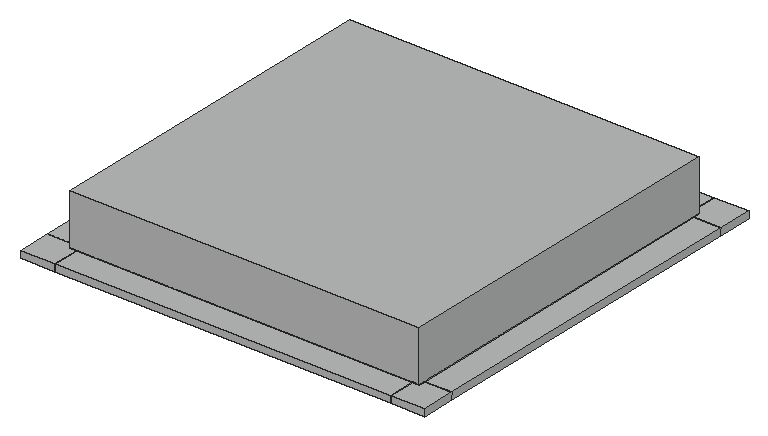
Revit family "ALUMOGIPS", category Осветительные приборы, Revit 2019 (continued)
Types (72, lengths in mm): name | Файл фотометрической сетки | built-in parameter 1150105 | Lumens | built-in parameter 1150106 | built-in parameter 1150142 | Wattage | Emit from Rectangle Width | Emit from Rectangle Length | Длина | Материал светильника | Ширина | ADSK_Ток | ADSK_Полная мощность | ADSK_Обозначение | ADSK_Номинальная мощность | ADSK_Наименование | ADSK_Масса | ADSK_Код изделия
  Alumogips-30/opal-sand 295х595 (IP40, 4000К, серый) c БАП на 3 часа | "Светильник ALUMOGIPS-30 OPAL-SAND-(295x595).IES" | 198.94 (stored number, unit not read) | 2500 lm | 1.9894 (stored number, unit not read) | "IESNA:LM-63-95\r\n[TEST] Протокол №80\r\n[DATA]26.06.2016\r\n[MORE] \r\n[MANUFAC] ЗАО \"Центрстройсвет\"\r\n[LUMCAT]  Светильник ALUMOGIPS-30/OPAL-SAND-(295x595)\r\n[LUMINAIRE]\r\n[LAMPCAT] Светодиоды\r\n[LAMP] Поток источника света (светодиодов) не известен\r\n[MORE] КСС приведена в абсолютных величинах кд\r\n[MORE] Вместо потока лампы, указан поток светильника.\r\nTILT=NONE\r\n1    2420 1.0 37 73 1 2 0.295 0.595 0.04\r\n1.0 1.0 28.9\r\n0.0 5.0 10.0 15.0 20.0 25.0 30.0 35.0 40.0 45.0 50.0 55.0 60.0 65.0 70.0 75.0 80.0 85.0 90.0 95.0 100.0 105.0 110.0 115.0 120.0 125.0 130.0 135.0 140.0 145.0 150.0 155.0 160.0 165.0 170.0 175.0 180.0\r\n0.0 5.0 10.0 15.0 20.0 25.0 30.0 35.0 40.0 45.0 50.0 55.0 60.0 65.0 70.0 75.0 80.0 85.0 90.0 95.0 100.0 105.0 110.0 115.0 120.0 125.0 130.0 135.0 140.0 145.0 150.0 155.0 160.0 165.0 170.0 175.0 180.0 185.0 190.0 195.0 200.0 205.0 210.0 215.0 220.0 225.0 230.0 235.0 240.0 245.0 250.0 255.0 260.0 265.0 270.0 275.0 280.0 285.0 290.0 295.0 300.0 305.0 310.0 315.0 320.0 325.0 330.0 335.0 340.0 345.0 350.0 355.0 360.0\r\n911.1 908.3 889.4 861.2 824.6 779.8 729.1 674.3 613.8 546.0 479.1 412.2 342.1 274.7 206.6 142.5 83.1 30.5 0.2 0.0 0.0 0.0 0.0 0.0 0.0 0.0 0.0 0.0 0.0 0.0 0.0 0.0 0.0 0.0 0.0 0.0 0.0\r\n911.1 908.3 890.4 862.2 826.0 781.2 730.0 673.5 610.8 545.9 478.1 412.0 343.0 274.6 207.5 142.8 83.4 31.1 0.3 0.0 0.0 0.0 0.0 0.0 0.0 0.0 0.0 0.0 0.0 0.0 0.0 0.0 0.0 0.0 0.0 0.0 0.0\r\n911.1 908.5 890.5 862.8 826.3 781.1 729.7 670.6 612.5 548.7 480.3 412.7 344.4 275.2 207.5 143.5 83.8 31.5 0.3 0.0 0.0 0.0 0.0 0.0 0.0 0.0 0.0 0.0 0.0 0.0 0.0 0.0 0.0 0.0 0.0 0.0 0.0\r\n911.1 909.2 889.7 860.5 825.1 782.3 731.0 672.5 613.1 547.3 478.2 411.8 342.9 275.2 208.3 143.7 83.9 31.8 0.3 0.0 0.0 0.0 0.0 0.0 0.0 0.0 0.0 0.0 0.0 0.0 0.0 0.0 0.0 0.0 0.0 0.0 0.0\r\n911.1 909.0 891.0 861.5 825.6 782.4 732.7 675.9 611.0 545.2 481.9 413.1 344.4 276.1 208.3 144.0 84.6 32.0 0.3 0.0 0.0 0.0 0.0 0.0 0.0 0.0 0.0 0.0 0.0 0.0 0.0 0.0 0.0 0.0 0.0 0.0 0.0\r\n911.1 908.9 890.1 863.3 826.9 783.2 729.2 673.9 611.8 547.8 480.9 414.1 343.8 275.8 208.6 144.4 85.0 32.4 0.3 0.0 0.0 0.0 0.0 0.0 0.0 0.0 0.0 0.0 0.0 0.0 0.0 0.0 0.0 0.0 0.0 0.0 0.0\r\n911.1 908.9 890.0 862.2 828.3 782.8 731.1 675.1 614.3 547.6 481.3 413.0 345.8 276.7 208.8 145.0 85.3 32.6 0.4 0.0 0.0 0.0 0.0 0.0 0.0 0.0 0.0 0.0 0.0 0.0 0.0 0.0 0.0 0.0 0.0 0.0 0.0\r\n911.1 908.5 891.5 865.2 825.7 780.8 732.5 674.6 615.0 551.3 482.1 414.1 345.1 277.4 208.6 145.5 85.5 33.2 0.5 0.0 0.0 0.0 0.0 0.0 0.0 0.0 0.0 0.0 0.0 0.0 0.0 0.0 0.0 0.0 0.0 0.0 0.0\r\n911.1 908.2 891.4 865.6 827.3 781.0 734.3 676.9 614.9 549.4 482.0 413.8 346.2 277.0 209.5 145.9 86.0 33.8 0.4 0.0 0.0 0.0 0.0 0.0 0.0 0.0 0.0 0.0 0.0 0.0 0.0 0.0 0.0 0.0 0.0 0.0 0.0\r\n911.1 908.7 891.0 864.3 829.6 784.0 732.9 673.2 614.9 550.2 484.5 414.8 346.4 277.8 210.5 146.4 87.2 33.9 0.6 0.0 0.0 0.0 0.0 0.0 0.0 0.0 0.0 0.0 0.0 0.0 0.0 0.0 0.0 0.0 0.0 0.0 0.0\r\n911.1 909.3 890.7 863.4 828.2 782.7 733.6 675.6 617.1 551.3 485.9 416.5 347.0 279.5 211.3 147.1 87.6 34.5 0.8 0.0 0.0 0.0 0.0 0.0 0.0 0.0 0.0 0.0 0.0 0.0 0.0 0.0 0.0 0.0 0.0 0.0 0.0\r\n911.1 908.7 892.5 864.0 829.2 784.2 733.3 676.9 615.6 551.9 484.7 416.9 348.3 279.6 211.6 148.3 88.1 35.0 0.9 0.0 0.0 0.0 0.0 0.0 0.0 0.0 0.0 0.0 0.0 0.0 0.0 0.0 0.0 0.0 0.0 0.0 0.0\r\n911.1 907.6 892.1 865.2 827.4 784.6 731.8 676.8 617.7 552.8 485.1 418.8 350.7 281.3 212.5 148.4 89.0 35.7 1.0 0.0 0.0 0.0 0.0 0.0 0.0 0.0 0.0 0.0 0.0 0.0 0.0 0.0 0.0 0.0 0.0 0.0 0.0\r\n911.1 907.1 892.1 864.5 830.2 788.3 733.6 677.4 617.3 552.0 487.9 420.8 349.8 281.3 213.4 149.2 89.9 36.2 1.3 0.0 0.0 0.0 0.0 0.0 0.0 0.0 0.0 0.0 0.0 0.0 0.0 0.0 0.0 0.0 0.0 0.0 0.0\r\n911.1 907.7 891.9 865.7 828.5 785.6 735.2 678.9 620.0 555.8 488.8 421.1 351.5 282.7 215.2 149.7 90.8 36.9 1.5 0.0 0.0 0.0 0.0 0.0 0.0 0.0 0.0 0.0 0.0 0.0 0.0 0.0 0.0 0.0 0.0 0.0 0.0\r\n911.1 907.8 891.0 864.8 830.1 786.1 738.7 679.4 616.5 556.6 490.6 420.2 352.4 284.5 215.4 151.3 91.1 37.6 1.5 0.0 0.0 0.0 0.0 0.0 0.0 0.0 0.0 0.0 0.0 0.0 0.0 0.0 0.0 0.0 0.0 0.0 0.0\r\n911.1 907.6 892.2 865.5 829.8 785.3 740.8 681.1 621.3 555.2 488.2 422.8 352.5 285.0 216.2 151.5 92.2 38.3 1.9 0.0 0.0 0.0 0.0 0.0 0.0 0.0 0.0 0.0 0.0 0.0 0.0 0.0 0.0 0.0 0.0 0.0 0.0\r\n911.1 907.4 892.1 866.1 829.8 787.6 737.3 681.4 621.4 556.0 491.1 422.7 354.9 284.7 217.1 152.4 93.0 39.4 2.0 0.0 0.0 0.0 0.0 0.0 0.0 0.0 0.0 0.0 0.0 0.0 0.0 0.0 0.0 0.0 0.0 0.0 0.0\r\n911.1 907.1 892.7 864.9 831.7 788.2 738.4 680.3 623.5 555.8 491.4 423.2 354.0 286.0 218.2 152.8 93.7 40.1 1.9 0.0 0.0 0.0 0.0 0.0 0.0 0.0 0.0 0.0 0.0 0.0 0.0 0.0 0.0 0.0 0.0 0.0 0.0\r\n911.1 907.4 892.3 867.6 830.6 789.2 737.9 683.1 622.5 558.1 492.5 424.4 355.9 287.7 219.1 154.3 94.7 40.4 2.5 0.0 0.0 0.0 0.0 0.0 0.0 0.0 0.0 0.0 0.0 0.0 0.0 0.0 0.0 0.0 0.0 0.0 0.0\r\n911.1 907.5 892.4 866.9 832.1 790.0 736.6 683.9 623.3 559.4 493.1 425.9 357.0 288.4 220.1 155.2 95.3 41.1 2.6 0.0 0.0 0.0 0.0 0.0 0.0 0.0 0.0 0.0 0.0 0.0 0.0 0.0 0.0 0.0 0.0 0.0 0.0\r\n911.1 906.9 893.0 866.2 832.9 789.5 740.6 686.4 622.6 558.9 494.6 425.2 357.7 289.6 220.8 156.1 95.8 41.9 2.6 0.0 0.0 0.0 0.0 0.0 0.0 0.0 0.0 0.0 0.0 0.0 0.0 0.0 0.0 0.0 0.0 0.0 0.0\r\n911.1 906.5 892.0 867.1 832.6 789.9 741.4 686.3 627.3 561.0 497.2 429.6 357.8 290.1 222.7 156.4 96.7 42.4 3.1 0.0 0.0 0.0 0.0 0.0 0.0 0.0 0.0 0.0 0.0 0.0 0.0 0.0 0.0 0.0 0.0 0.0 0.0\r\n911.1 906.8 892.3 868.3 834.8 789.8 739.1 686.9 625.0 562.3 496.2 428.6 359.5 290.7 222.5 158.0 97.5 42.6 3.4 0.0 0.0 0.0 0.0 0.0 0.0 0.0 0.0 0.0 0.0 0.0 0.0 0.0 0.0 0.0 0.0 0.0 0.0\r\n911.1 907.7 893.1 868.2 834.1 793.7 743.1 687.9 626.4 562.8 495.5 430.8 360.5 292.6 223.4 158.6 97.7 43.5 3.3 0.0 0.0 0.0 0.0 0.0 0.0 0.0 0.0 0.0 0.0 0.0 0.0 0.0 0.0 0.0 0.0 0.0 0.0\r\n911.1 908.2 893.8 868.2 835.6 793.6 743.3 688.3 626.0 564.5 498.1 431.2 361.0 293.4 224.3 158.9 98.6 44.0 3.5 0.0 0.0 0.0 0.0 0.0 0.0 0.0 0.0 0.0 0.0 0.0 0.0 0.0 0.0 0.0 0.0 0.0 0.0\r\n911.1 906.7 894.2 868.9 835.7 792.8 743.7 688.3 628.3 564.5 497.7 430.5 361.2 293.3 224.8 160.4 99.3 44.4 3.7 0.0 0.0 0.0 0.0 0.0 0.0 0.0 0.0 0.0 0.0 0.0 0.0 0.0 0.0 0.0 0.0 0.0 0.0\r\n911.1 906.5 894.7 867.9 834.7 795.0 744.2 689.6 630.1 566.4 499.6 431.8 363.0 294.1 225.6 160.8 100.0 45.1 3.6 0.0 0.0 0.0 0.0 0.0 0.0 0.0 0.0 0.0 0.0 0.0 0.0 0.0 0.0 0.0 0.0 0.0 0.0\r\n911.1 906.5 895.1 869.9 835.9 794.8 744.6 690.7 627.4 566.4 500.2 432.4 364.0 294.7 227.0 161.2 100.6 45.6 3.8 0.0 0.0 0.0 0.0 0.0 0.0 0.0 0.0 0.0 0.0 0.0 0.0 0.0 0.0 0.0 0.0 0.0 0.0\r\n911.1 906.1 895.4 869.1 835.9 794.7 746.0 689.6 630.7 566.6 499.6 432.7 363.1 295.7 227.9 161.9 100.9 46.3 4.0 0.0 0.0 0.0 0.0 0.0 0.0 0.0 0.0 0.0 0.0 0.0 0.0 0.0 0.0 0.0 0.0 0.0 0.0\r\n911.1 906.1 894.6 870.7 836.3 795.3 746.6 689.6 632.6 567.7 500.1 432.1 364.4 296.0 227.8 162.7 101.4 46.4 4.5 0.0 0.0 0.0 0.0 0.0 0.0 0.0 0.0 0.0 0.0 0.0 0.0 0.0 0.0 0.0 0.0 0.0 0.0\r\n911.1 906.3 895.6 868.8 835.5 793.2 745.3 690.7 630.8 568.5 500.6 433.3 364.7 295.8 227.5 162.6 101.3 46.8 4.6 0.0 0.0 0.0 0.0 0.0 0.0 0.0 0.0 0.0 0.0 0.0 0.0 0.0 0.0 0.0 0.0 0.0 0.0\r\n911.1 907.0 895.4 871.8 837.5 794.5 744.5 690.6 631.8 568.8 502.5 436.2 365.6 296.2 228.3 163.9 101.9 47.1 4.6 0.0 0.0 0.0 0.0 0.0 0.0 0.0 0.0 0.0 0.0 0.0 0.0 0.0 0.0 0.0 0.0 0.0 0.0\r\n911.1 907.6 895.4 871.8 839.2 796.0 747.1 690.6 629.6 567.5 501.4 434.5 365.7 297.2 228.8 163.4 102.4 47.5 4.6 0.0 0.0 0.0 0.0 0.0 0.0 0.0 0.0 0.0 0.0 0.0 0.0 0.0 0.0 0.0 0.0 0.0 0.0\r\n911.1 906.1 895.5 871.6 838.7 794.9 748.2 694.5 632.4 570.3 502.5 434.5 365.5 297.1 229.4 164.0 102.4 47.5 4.7 0.0 0.0 0.0 0.0 0.0 0.0 0.0 0.0 0.0 0.0 0.0 0.0 0.0 0.0 0.0 0.0 0.0 0.0\r\n911.1 904.8 895.9 869.8 836.7 797.2 747.1 691.9 633.4 569.5 503.4 435.1 366.2 298.1 229.3 163.6 102.3 47.2 4.3 0.0 0.0 0.0 0.0 0.0 0.0 0.0 0.0 0.0 0.0 0.0 0.0 0.0 0.0 0.0 0.0 0.0 0.0\r\n911.1 905.3 894.0 871.2 840.2 796.2 748.3 691.8 631.5 572.4 503.6 433.5 366.8 297.9 229.2 163.3 101.8 46.8 3.8 0.0 0.0 0.0 0.0 0.0 0.0 0.0 0.0 0.0 0.0 0.0 0.0 0.0 0.0 0.0 0.0 0.0 0.0\r\n911.1 906.0 894.9 870.9 837.1 795.0 745.7 693.0 630.8 569.0 503.7 436.4 366.4 297.7 229.8 163.4 101.8 46.5 3.4 0.0 0.0 0.0 0.0 0.0 0.0 0.0 0.0 0.0 0.0 0.0 0.0 0.0 0.0 0.0 0.0 0.0 0.0\r\n911.1 905.6 893.6 871.4 839.9 797.6 749.1 691.5 633.0 570.8 502.5 434.8 366.1 296.6 228.5 162.8 101.0 46.0 2.9 0.0 0.0 0.0 0.0 0.0 0.0 0.0 0.0 0.0 0.0 0.0 0.0 0.0 0.0 0.0 0.0 0.0 0.0\r\n911.1 905.5 894.6 871.9 838.0 794.6 747.0 692.0 634.0 569.3 502.9 435.5 366.8 296.4 228.8 163.2 101.1 46.1 2.8 0.0 0.0 0.0 0.0 0.0 0.0 0.0 0.0 0.0 0.0 0.0 0.0 0.0 0.0 0.0 0.0 0.0 0.0\r\n911.1 906.2 893.1 871.0 837.2 796.8 749.0 694.0 633.1 569.5 503.5 436.7 366.4 297.6 228.4 162.6 101.3 45.7 2.8 0.0 0.0 0.0 0.0 0.0 0.0 0.0 0.0 0.0 0.0 0.0 0.0 0.0 0.0 0.0 0.0 0.0 0.0\r\n911.1 905.4 893.6 869.9 837.0 796.8 747.6 692.4 634.5 568.4 503.4 433.2 365.8 296.2 227.1 162.3 100.7 45.6 2.7 0.0 0.0 0.0 0.0 0.0 0.0 0.0 0.0 0.0 0.0 0.0 0.0 0.0 0.0 0.0 0.0 0.0 0.0\r\n911.1 905.2 893.1 870.9 837.6 799.4 749.7 694.6 632.4 569.7 501.2 433.7 366.5 296.3 227.6 162.0 100.7 45.2 2.6 0.0 0.0 0.0 0.0 0.0 0.0 0.0 0.0 0.0 0.0 0.0 0.0 0.0 0.0 0.0 0.0 0.0 0.0\r\n911.1 905.6 892.8 867.9 836.3 795.3 747.6 693.8 632.3 568.8 503.5 433.9 364.4 295.4 227.4 162.1 100.2 45.0 2.6 0.0 0.0 0.0 0.0 0.0 0.0 0.0 0.0 0.0 0.0 0.0 0.0 0.0 0.0 0.0 0.0 0.0 0.0\r\n911.1 906.0 891.2 869.4 838.7 796.6 744.5 691.3 630.5 568.4 500.5 432.6 364.8 294.7 226.6 161.5 99.4 44.6 2.4 0.0 0.0 0.0 0.0 0.0 0.0 0.0 0.0 0.0 0.0 0.0 0.0 0.0 0.0 0.0 0.0 0.0 0.0\r\n911.1 906.3 892.3 868.8 836.4 794.7 746.4 690.6 628.4 567.4 501.0 433.5 364.4 294.7 226.3 161.5 99.1 44.1 2.3 0.0 0.0 0.0 0.0 0.0 0.0 0.0 0.0 0.0 0.0 0.0 0.0 0.0 0.0 0.0 0.0 0.0 0.0\r\n911.1 906.1 891.2 870.3 836.5 796.5 746.5 691.1 630.2 565.4 501.0 432.5 361.6 293.6 224.8 160.3 98.9 43.7 2.2 0.0 0.0 0.0 0.0 0.0 0.0 0.0 0.0 0.0 0.0 0.0 0.0 0.0 0.0 0.0 0.0 0.0 0.0\r\n911.1 906.7 892.3 869.5 834.4 794.2 744.3 688.5 631.3 567.2 500.0 431.6 362.1 292.6 224.4 159.4 98.3 43.1 2.1 0.0 0.0 0.0 0.0 0.0 0.0 0.0 0.0 0.0 0.0 0.0 0.0 0.0 0.0 0.0 0.0 0.0 0.0\r\n911.1 906.3 891.7 869.3 838.3 794.6 745.1 687.7 632.2 566.3 497.6 429.3 361.9 293.2 223.9 158.7 97.6 42.4 1.9 0.0 0.0 0.0 0.0 0.0 0.0 0.0 0.0 0.0 0.0 0.0 0.0 0.0 0.0 0.0 0.0 0.0 0.0\r\n911.1 906.6 891.2 870.7 835.8 791.7 742.2 688.7 628.2 564.3 497.8 429.8 361.0 291.5 223.5 157.7 97.3 42.0 1.8 0.0 0.0 0.0 0.0 0.0 0.0 0.0 0.0 0.0 0.0 0.0 0.0 0.0 0.0 0.0 0.0 0.0 0.0\r\n911.1 906.1 891.3 868.6 834.6 791.7 744.4 685.8 625.4 562.6 496.6 428.8 360.1 290.5 222.4 157.1 96.1 41.3 1.7 0.0 0.0 0.0 0.0 0.0 0.0 0.0 0.0 0.0 0.0 0.0 0.0 0.0 0.0 0.0 0.0 0.0 0.0\r\n911.1 905.2 892.6 868.1 835.0 791.5 742.2 686.7 625.4 563.1 497.3 427.9 358.4 290.7 221.2 155.8 95.6 40.8 1.5 0.0 0.0 0.0 0.0 0.0 0.0 0.0 0.0 0.0 0.0 0.0 0.0 0.0 0.0 0.0 0.0 0.0 0.0\r\n911.1 905.3 892.8 868.0 833.0 791.3 744.3 685.1 623.6 560.5 492.9 426.5 357.2 288.9 220.3 154.7 94.8 40.1 1.3 0.0 0.0 0.0 0.0 0.0 0.0 0.0 0.0 0.0 0.0 0.0 0.0 0.0 0.0 0.0 0.0 0.0 0.0\r\n911.1 906.6 890.8 868.3 833.0 790.4 741.1 685.4 624.1 560.7 492.9 424.1 356.4 288.9 219.7 154.0 93.5 39.4 1.2 0.0 0.0 0.0 0.0 0.0 0.0 0.0 0.0 0.0 0.0 0.0 0.0 0.0 0.0 0.0 0.0 0.0 0.0\r\n911.1 907.4 891.8 866.4 833.1 790.2 739.5 683.6 621.7 561.4 494.4 424.6 356.0 287.1 219.0 153.3 92.5 38.6 1.1 0.0 0.0 0.0 0.0 0.0 0.0 0.0 0.0 0.0 0.0 0.0 0.0 0.0 0.0 0.0 0.0 0.0 0.0\r\n911.1 907.0 891.7 867.9 832.2 788.0 736.3 683.3 623.7 556.4 492.1 424.3 353.3 286.6 217.1 152.4 91.9 37.8 0.8 0.0 0.0 0.0 0.0 0.0 0.0 0.0 0.0 0.0 0.0 0.0 0.0 0.0 0.0 0.0 0.0 0.0 0.0\r\n911.1 906.8 892.1 865.5 829.5 787.9 737.3 680.4 618.9 555.6 491.7 423.2 353.3 284.2 216.2 151.5 91.3 37.0 0.7 0.0 0.0 0.0 0.0 0.0 0.0 0.0 0.0 0.0 0.0 0.0 0.0 0.0 0.0 0.0 0.0 0.0 0.0\r\n911.1 906.0 890.4 864.7 830.5 788.2 737.8 682.0 618.5 554.8 489.2 421.0 352.5 282.8 214.0 149.9 90.1 36.6 0.6 0.0 0.0 0.0 0.0 0.0 0.0 0.0 0.0 0.0 0.0 0.0 0.0 0.0 0.0 0.0 0.0 0.0 0.0\r\n911.1 905.1 891.5 865.2 828.0 784.8 738.1 677.5 619.3 553.0 488.5 419.0 350.1 282.1 214.0 149.5 89.3 35.6 0.4 0.0 0.0 0.0 0.0 0.0 0.0 0.0 0.0 0.0 0.0 0.0 0.0 0.0 0.0 0.0 0.0 0.0 0.0\r\n911.1 906.0 891.6 863.4 826.4 784.8 735.2 679.4 616.1 553.3 487.5 418.1 349.5 281.2 213.4 148.4 88.5 34.8 0.3 0.0 0.0 0.0 0.0 0.0 0.0 0.0 0.0 0.0 0.0 0.0 0.0 0.0 0.0 0.0 0.0 0.0 0.0\r\n911.1 906.8 890.4 864.5 828.0 784.0 735.1 678.8 616.8 551.9 484.6 417.7 349.7 279.3 211.1 147.6 87.7 34.2 0.3 0.0 0.0 0.0 0.0 0.0 0.0 0.0 0.0 0.0 0.0 0.0 0.0 0.0 0.0 0.0 0.0 0.0 0.0\r\n911.1 907.5 888.8 862.0 826.9 780.2 732.3 675.0 614.9 551.2 485.3 416.4 346.6 278.8 211.6 146.2 86.7 33.6 0.2 0.0 0.0 0.0 0.0 0.0 0.0 0.0 0.0 0.0 0.0 0.0 0.0 0.0 0.0 0.0 0.0 0.0 0.0\r\n911.1 907.5 889.7 863.2 826.6 785.1 732.2 672.0 614.2 551.3 484.5 416.7 346.2 277.6 210.1 145.9 85.8 32.8 0.2 0.0 0.0 0.0 0.0 0.0 0.0 0.0 0.0 0.0 0.0 0.0 0.0 0.0 0.0 0.0 0.0 0.0 0.0\r\n911.1 907.3 890.1 863.9 825.1 780.0 730.7 678.4 612.1 549.9 481.9 414.5 344.9 276.9 209.3 145.1 85.2 32.3 0.1 0.0 0.0 0.0 0.0 0.0 0.0 0.0 0.0 0.0 0.0 0.0 0.0 0.0 0.0 0.0 0.0 0.0 0.0\r\n911.1 908.5 889.1 862.4 825.5 781.7 731.2 672.6 612.0 547.6 482.4 413.8 345.8 275.4 208.5 144.0 84.8 31.6 0.1 0.0 0.0 0.0 0.0 0.0 0.0 0.0 0.0 0.0 0.0 0.0 0.0 0.0 0.0 0.0 0.0 0.0 0.0\r\n911.1 908.0 889.3 861.7 824.9 780.9 731.0 672.8 611.9 545.5 481.0 411.8 343.3 274.8 207.7 143.4 84.0 31.2 0.1 0.0 0.0 0.0 0.0 0.0 0.0 0.0 0.0 0.0 0.0 0.0 0.0 0.0 0.0 0.0 0.0 0.0 0.0\r\n911.1 906.5 887.9 861.2 824.2 781.5 729.8 672.2 609.7 547.2 479.7 411.1 343.5 274.5 206.8 143.2 83.6 30.7 0.1 0.0 0.0 0.0 0.0 0.0 0.0 0.0 0.0 0.0 0.0 0.0 0.0 0.0 0.0 0.0 0.0 0.0 0.0\r\n911.1 906.8 888.0 859.9 826.4 781.3 727.9 671.1 610.9 546.9 478.6 411.5 342.5 274.4 207.1 142.8 83.0 30.3 0.1 0.0 0.0 0.0 0.0 0.0 0.0 0.0 0.0 0.0 0.0 0.0 0.0 0.0 0.0 0.0 0.0 0.0 0.0\r\n911.1 907.2 889.6 859.4 824.1 778.8 730.0 672.0 610.3 544.9 478.2 410.6 341.6 274.5 206.3 141.9 82.8 30.0 0.1 0.0 0.0 0.0 0.0 0.0 0.0 0.0 0.0 0.0 0.0 0.0 0.0 0.0 0.0 0.0 0.0 0.0 0.0\r\n911.1 908.0 888.9 861.7 823.7 778.6 726.6 673.0 609.3 546.3 478.0 409.7 341.7 273.2 206.1 141.7 82.2 29.9 0.0 0.0 0.0 0.0 0.0 0.0 0.0 0.0 0.0 0.0 0.0 0.0 0.0 0.0 0.0 0.0 0.0 0.0 0.0\r\n911.1 908.5 889.0 862.2 823.5 778.2 729.5 669.6 608.8 545.8 478.2 411.0 340.7 272.7 206.2 142.0 82.2 29.8 0.1 0.0 0.0 0.0 0.0 0.0 0.0 0.0 0.0 0.0 0.0 0.0 0.0 0.0 0.0 0.0 0.0 0.0 0.0\r\n911.1 908.3 889.7 863.3 826.0 781.1 728.4 671.9 608.5 545.7 478.5 410.8 342.7 273.4 205.7 141.8 82.4 30.1 0.2 0.0 0.0 0.0 0.0 0.0 0.0 0.0 0.0 0.0 0.0 0.0 0.0 0.0 0.0 0.0 0.0 0.0 0.0\r\n911.1 908.3 889.4 861.2 824.6 779.8 729.1 674.3 613.8 546.0 479.1 412.2 342.1 274.7 206.6 142.5 83.1 30.5 0.2 0.0 0.0 0.0 0.0 0.0 0.0 0.0 0.0 0.0 0.0 0.0 0.0 0.0 0.0 0.0 0.0 0.0 0.0\r\n" | 16.8303 W | 275 | 575 | 595 | RAL 9006 | 295 | 0.141777 A | 32.6087 VA | "Alumogips-30/opal-sand 295х595 (IP40, 4000К, серый)" | 30 W | "Встраиваемый светодиодный светильник Alumogips-30/opal-sand 295х595 (IP40, 4000К, серый) c БАП на 3 час" | 1.3 | "ЦБ000007777"
